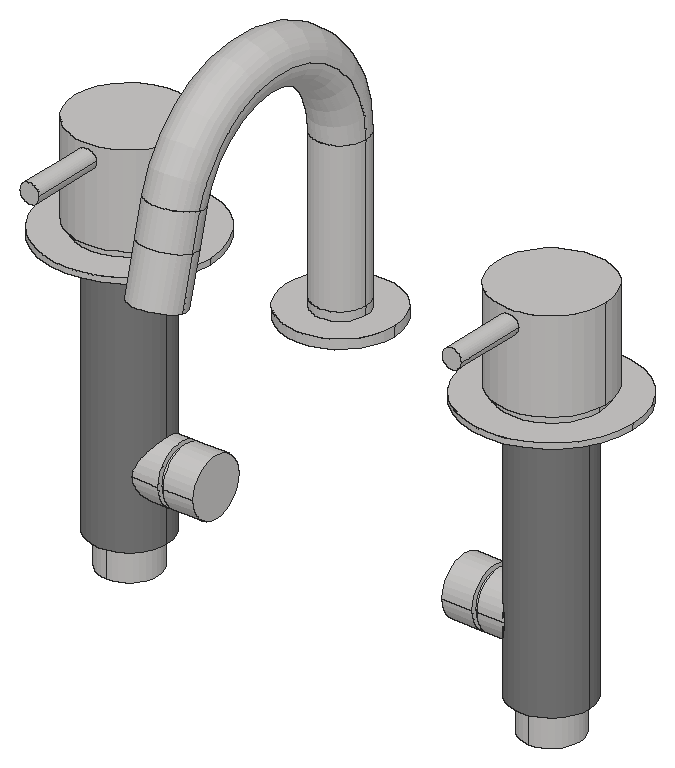
Revit family "HV5", category Generic Models, Revit 2021
Family settings
  Can host rebar = No
  Round Connector Dimension = Use Diameter
  Part Type = Normal
  Work Plane-Based = No
  Always vertical = Yes
  Cut with Voids When Loaded = No
  Shared = No
  Room Calculation Point = No
Parameters (values of type "Standard")
  e-mail = "info@vola.com"
  URL = "http://vola.com"
  Telephone = "+45 7023 5500"
  Quality management standard = "ISO 9001"
  Organisation no. / DUNS no. = "17531328"
  Occupational health and safety management standard = "ISO 18001"
  Mounting Instructions = "http://vola.com/service/producturl.ashx?name=HV5"
  Model = "HV5"
  Materials and components information = "http://vola.com/service/producturl.ashx?name=HV5"
  Manufacturer = "VOLA A/S"
  Maintenance Instructions = "http://vola.com/service/producturl.ashx?name=HV5"
  Guarantee = "2 years"
  Flow = "9,00 l/min"
  Environmental management standard = "ISO 14000"
  Default Elevation = 0.00 mm
  Connection - All relevant connections = "½\" for water connection"
  Approvals = "http://vola.com/service/producturl.ashx?name=HV5"
Reference planes
  plane 1 "Center (Front/Back)": y = 0
  plane 2: z = 0
  plane 3 "Center (Left/Right)": x = 0
Dimensions and locks
  aligned and locked: plane 2 to level
Nested families
  nested 1: "090A" at (0, 0, 0), type "090A"
  nested 2: "S50" at (78, 0, 0), type "S50"
  nested 3: "S50" at (-78, 0, 0) x (-1, 0, 0) z (0, 0, 1), type "S50"
  nested 4: "001" at (-78, 0, 0), type "001"
  nested 5: "001" at (78, 0, 0), type "001"
Connectors
  piping at (78, 0, -110), diameter 20.9
    settings: on nested 2, index 1, connector inside diameter 0.82283", connector length 0.00 mm, flow factor 0, pipe flow 0 GPM, pressure drop 0.00 psi, fitting loss kfactor 0, connector angle 0.00°, fixture units 0, engagement length 0.00 mm, angle of deflection 0.00°, flow configuration 0, flow direction 1, fitting loss method 0, system type 20, joint type 0, gender type 0, connector reference index -1, connector utility 0, adjustable connector no, is connector primary yes, connector description ""
  piping at (-78, 0, -110), diameter 20.9
    settings: on nested 3, index 2, connector inside diameter 0.82283", connector length 0.00 mm, flow factor 0, pipe flow 0 GPM, pressure drop 0.00 psi, fitting loss kfactor 0, connector angle 0.00°, fixture units 0, engagement length 0.00 mm, angle of deflection 0.00°, flow configuration 0, flow direction 1, fitting loss method 0, system type 19, joint type 0, gender type 0, connector reference index -1, connector utility 0, adjustable connector no, is connector primary no, connector description ""
Definition of nested family "090A"
  Parameters
    e-mail = "info@vola.com"
    URL = "http://vola.com"
    Telephone = "+45 7023 5500"
    Quality management standard = "ISO 9001"
    Organisation no. / DUNS no. = "17531328"
    Occupational health and safety management standard = "ISO 18001"
    Mounting Instructions = "http://vola.com/service/producturl.ashx?name=090A"
    Model = "090A"
    Materials and components information = "http://vola.com/service/producturl.ashx?name=090A"
    Manufacturer = "VOLA A/S"
    Maintenance Instructions = "http://vola.com/service/producturl.ashx?name=090A"
    Guarantee = "2 years"
    Environmental management standard = "ISO 14000"
    Default Elevation = 0.00 mm
    Connection - All relevant connections = ""
    Approvals = "http://vola.com/service/producturl.ashx?name=090A"
  Reference planes
    plane 1 "Center (Front/Back)": y = 0
    plane 2: z = 0
    plane 3 "Center (Left/Right)": x = 0
  Forms (mm)
    Sweep 1, solid
      path origin (0, 0, 0) x (0, 1, 0) y (0, 0, 1)
        loop
          line (0, 6.5) -> (0, 61.5)
          arc (0, 61.5) -> (-33.909, 100.166) -> (-76.671, 71.594) r 39
          line (-76.671, 71.594) -> (-80.036, 59.037)
      profile origin (0, 0, 34) x (0, -1, 0) y (1, 0, 0)
        loop
          circle (0, 0) r 9.5
    Extrusion 2, solid
      sketch origin (0, 0, 0) x (1, 0, 0) y (0, 1, 0)
        loop
          circle (0, 0) r 20
      from 0 to 3.5
    Extrusion 3, solid
      sketch origin (0, 0, 3.5) x (1, 0, 0) y (0, 1, 0)
        loop
          circle (0, 0) r 9.5
      from 0 to 3
    Extrusion 4, solid
      sketch origin (0, -80.036, 59.037) x (1, 0, 0) y (0, -0.965926, 0.258819)
        loop
          circle (0, 0) r 9.5
      from 0 to 18.5
  Cuts and joins
    joined: Sweep 1, Extrusion 2
  Dimensions and locks
    aligned and locked: plane 2 to level
Definition of nested family "S50"
  Parameters
    e-mail = "info@vola.com"
    URL = "http://vola.com"
    Telephone = "+45 7023 5500"
    Quality management standard = "ISO 9001"
    Organisation no. / DUNS no. = "17531328"
    Occupational health and safety management standard = "ISO 18001"
    Mounting Instructions = "http://vola.com/service/producturl.ashx?name=S50"
    Model = "S50"
    Materials and components information = "http://vola.com/service/producturl.ashx?name=S50"
    Manufacturer = "VOLA A/S"
    Maintenance Instructions = "http://vola.com/service/producturl.ashx?name=S50"
    Guarantee = "2 years"
    Flow = "32,00 l/min"
    Environmental management standard = "ISO 14000"
    Default Elevation = 0.00 mm
    Connection - All relevant connections = "½\" for water connection"
    Approvals = "http://vola.com/service/producturl.ashx?name=S50"
  Reference planes
    plane 1 "Center (Front/Back)": y = 0
    plane 2: z = 0
    plane 3 "Center (Left/Right)": x = 0
  Forms (mm)
    Extrusion 1, solid
      sketch origin (0, 0, 2) x (1, 0, 0) y (0, 1, 0)
        loop
          circle (0, 0) r 18
      from 0 to 3
    Extrusion 2, solid
      sketch origin (0, 0, 5) x (1, 0, 0) y (0, 1, 0)
        loop
          circle (0, 0) r 20
      from 0 to 33.5
    Extrusion 3, solid
      sketch origin (0, 0, -1.25) x (1, 0, 0) y (0, 0, 1)
        loop
          circle (0, 34.5) r 3.5
      from 0 to 46
    Extrusion 4, solid
      sketch origin (0, 0, 0) x (1, 0, 0) y (0, 1, 0)
        loop
          circle (0, 0) r 14
      from 2 to -98
    Extrusion 5, solid
      sketch origin (0, 0, -98) x (0, 1, 0) y (1, 0, 0)
        loop
          circle (0, 0) r 9
      from 0 to 2
    Extrusion 6, solid
      sketch origin (0, 0, -100) x (-1, 0, 0) y (0, 1, 0)
        loop
          circle (0, 0) r 10.45
      from 10 to 0
    Extrusion 7, solid
      sketch origin (0, 0, 25) x (0, 1, 0) y (0, 0, 1)
        loop
          circle (0, -98) r 10.5
      from -19 to 0
    Extrusion 8, solid
      sketch origin (-19, 0, 25) x (0, -1, 0) y (0, 0, 1)
        loop
          circle (0, -98) r 9
      from 2 to 0
    Extrusion 9, solid
      sketch origin (-21, 0, 25) x (0, -1, 0) y (0, 0, 1)
        loop
          circle (0, -98) r 10.45
      from 11 to 0
    Extrusion 10, void
      sketch origin (0, 0, -98) x (1, 0, 0) y (0, 1, 0)
        loop
          circle (0, 0) r 14
      from 41.193 to 9.651
  Cuts and joins
    joined: Extrusion 2, Extrusion 3
    Extrusion 10 cuts Extrusion 5
    Extrusion 10 cuts Extrusion 7
  Lines and regions (mm)
    reference lines
      curve 1: line (0, 0, -110) -> (0, 0, -140)
      curve 2: line (-32, 0, -73) -> (-62, 0, -73)
    model lines
      curve 3: line (6.05, 19.063, 38.5) -> (6.05, -19.063, 38.5)
      curve 4: line (-6.05, -19.063, 38.5) -> (-6.05, 19.063, 38.5)
  Dimensions and locks
    aligned and locked: plane 2 to level
Definition of nested family "001"
  Parameters
    e-mail = "info@vola.com"
    URL = "http://vola.com"
    Telephone = "+45 7023 5500"
    Quality management standard = "ISO 9001"
    Organisation no. / DUNS no. = "17531328"
    Occupational health and safety management standard = "ISO 18001"
    Mounting Instructions = "http://vola.com/service/producturl.ashx?name=001"
    Model = "001"
    Materials and components information = "http://vola.com/service/producturl.ashx?name=001"
    Manufacturer = "VOLA A/S"
    Maintenance Instructions = "http://vola.com/service/producturl.ashx?name=001"
    Guarantee = "2 years"
    Environmental management standard = "ISO 14000"
    Default Elevation = 1219.20 mm
    Connection - All relevant connections = ""
    Approvals = "http://vola.com/service/producturl.ashx?name=001"
  Reference planes
    plane 1 "Center (Front/Back)": y = 0
    plane 2: z = 0
    plane 3 "Center (Left/Right)": x = 0
  Forms (mm)
    Extrusion 1, solid
      sketch origin (0, 0, 0) x (1, 0, 0) y (0, 1, 0)
        loop
          circle (0, 0) r 16.5
        loop
          circle (0, 0) r 30
      from 0 to 2
  Dimensions and locks
    aligned and locked: plane 2 to level
